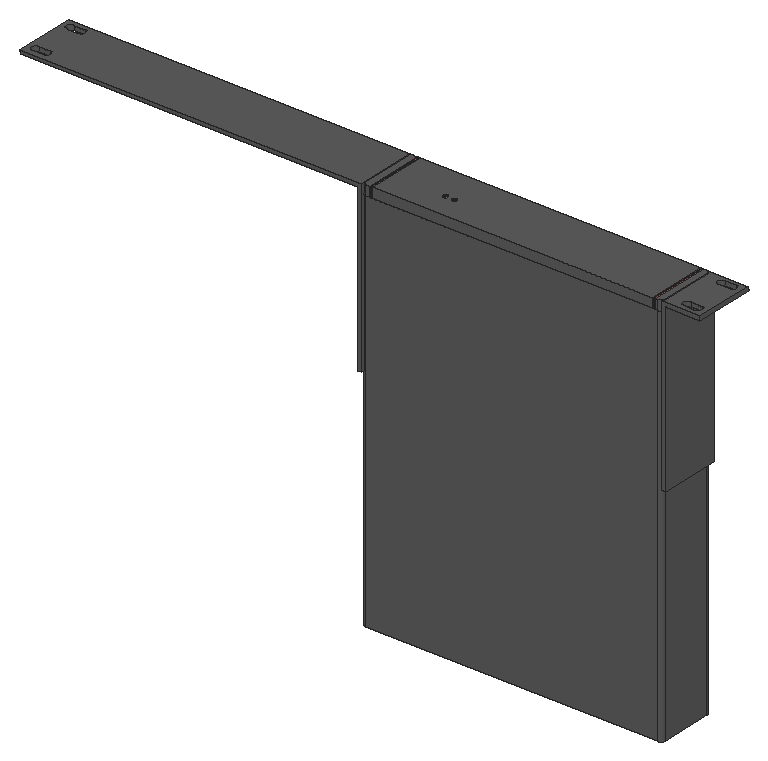
Revit family "Electronics_Amplifiers_Biamp_Voltera_A-300.2", category Communication Devices, host Face, Revit 2020
Family settings
  Host = Face
  Maintain Annotation Orientation = No
  Round Connector Dimension = Use Diameter
  Part Type = Normal
  OmniClass Number = 23.85.10.11.14.14.17
  OmniClass Title = Sound Amplifiers
  Cut with Voids When Loaded = No
  Shared = No
  Room Calculation Point = No
Parameters (values of type "A-300.2")
  Width = 8.66142"  # constant formula
  Weight = 6.10 lbf  # constant formula
  Voltage = 240 V
  Version = 1
  URL = "https://www.biamp.com/"
  Temperature Range = "32-104°F (0-40°C)"  # constant formula
  THD+N (20 - 20000 Hz for 1 W into 8 ohm) = "<0.5%"  # constant formula
  THD+N (1 kHz, 1 dB below clip) = "<0.008%"  # constant formula
  Surface Mount [instance] = Mount Type = Nom Surface Mount  # no
  Single Unit Rack Mount [instance] = Mount Type = Nom Single Unit Rack Mount  # yes
  Signal to Noise ratio (8 ohm) = ">103 dBA"  # constant formula
  Signal level indicator = "Signal level and limiter action"  # constant formula
  Product data url = "https://bimobject.com/biamp/product/a-300-2-amplifier"
  Product Page URL = "https://www.biamp.com/products/product-families/voltera/amplifiers#a-300-2"
  Product Documentation Link = "https://downloads.biamp.com/assets/docs/default-source/data-sheets/biamp_data_sheet_voltera_a-300w-series_amps_aug23.pdf"
  Power Factor = 1
  Number of Poles = 1
  Nom Surface Mount = Surface Mount : Surface Mount
  Nom Single Unit Rack Mount = Single Unit Rack Mount : Single Unit Rack Mount
  Offset_Y [instance] = if(or(Single Unit Rack Mount, Double Unit Left Rack Mount, Double Unit Right Rack Mount), 0", 5.70866")  # 0"
  Offset_X [instance] = if(Single Unit Rack Mount, 19.69", if(or(Freestanding Mount, Surface Mount), 5.91", if(Double Unit Right Rack Mount, 0.89", 10.93")))  # 19.69"
  Offset [instance] = if(or(Single Unit Rack Mount, Double Unit Left Rack Mount, Double Unit Right Rack Mount), 0.11811", if(Freestanding Mount, 1.06299", 0.98425"))  # 0.11811"
  Mount Type [instance] = Single Unit Rack Mount : Single Unit Rack Mount
  Nom Freestanding Mount = Freestanding Mount : Freestanding Mount
  Nom Double Unit Right Rack Mount = Double Unit Right Rack Mount : Double Unit Right Rack Mount
  Nom Double Unit Left Rack Mount = Double Unit Left Rack Mount : Double Unit Left Rack Mount
  Model = "A-300.2"  # constant formula
  Mode switch / ch. (4 Ω / 8 Ω / 70 V / 100 V) = "Defnes the gain and the limiter thresholds"  # constant formula
  Max input level = "+24 dBu"  # constant formula
  Max Power Consumption = 300 W
  Manufacturer = "Biamp"  # constant formula
  Input sensitivity (for all Mode options) = "+4 dBu (1.23 Vrms)"  # constant formula
  Input impedance (balanced) = "8 kohm"  # constant formula
  Included accessories = "Rack solution for single/tandem 19 1 RU mount; Brackets for mounting under table/on wall/under ceiling"  # constant formula
  Humidity = "0-95% non-condensing"  # constant formula
  Housing Material = Biamp - Metal - Black
  High pass flter = "70 Hz 12 dB/octave (on/of)"  # constant formula
  Height = 1.73228"  # constant formula
  Gain trim (default 0 dB) = "In addition to reducing the gain down to -infnity, it can boost the gain and power by up to 3 dB"  # constant formula
  Gain for 8 ohm = "29 dB"  # constant formula
  Gain for 70 / 100 V = "35.2 / 38.2 dB"  # constant formula
  Gain for 4 ohm = "26 dB"  # constant formula
  Frequency response (20 - 20000 Hz, 8 ohm, unweighted) = "+/-0.5 dB"  # constant formula
  Freestanding Mount [instance] = Mount Type = Nom Freestanding Mount  # no
  Double Unit Left Rack Mount [instance] = Mount Type = Nom Double Unit Left Rack Mount  # no
  Double Unit Right Rack Mount [instance] = Mount Type = Nom Double Unit Right Rack Mount  # no
  Description = "Voltera® A Series Compact 2 Channel, 300 Amplifier Models"  # constant formula
  Depth = 11.41732"  # constant formula
  Default Elevation = 48"
  Date Updated = ""
  Date Created = "2023/08/21"
  Cooling = "Variable speed fans, front to back airfow"  # constant formula
  Control/monitoring IO = "Mute all channels (input);Health (output);Sleep mode status (output);Sleep mode (input)"  # constant formula
  Connector Description = "100-240 VAC, 50/60 Hz"  # constant formula
  Channel separation (crosstalk at 1 kHz) = ">75 dB"  # constant formula
  Apparent Load = Max Power Consumption / Power Factor  # 300 VA
  Angle [instance] = if(or(Single Unit Rack Mount, Double Unit Left Rack Mount, Double Unit Right Rack Mount), 0.00°, 90.00°)  # 0.00°
Reference planes (in)
  plane 1 "Center (Front/Back)": y = 0
  plane 2: z = 0
  plane 3 "Center (Left/Right)": x = 0
  plane 4: x = -5.90551
Forms (in)
  Extrusion 1, solid, material "Biamp - Metal - Black", visible <- "Single Unit Rack Mount"
    sketch origin (0, 0, 0) x (1, 0, 0) y (0, 0, 1)
      loop
        line (19.2126, 0) -> (19.2126, 0.11811) -> (18.11024, 0.11811) -> (18.11024, -4.76582) -> (18.22835, -4.76582) -> (18.22835, 0) -> (19.2126, 0)
      loop
        line (-0.41195, 0) -> (9.33071, 0) -> (9.33071, -4.76582) -> (9.44882, -4.76582) -> (9.44882, 0.11811) -> (-0.41195, 0.11811) -> (-0.41195, 0)
    from -0.86614 to 0.86614
  Extrusion 2, void
    sketch origin (19.2126, 0, 0.11811) x (0, -1, 0) y (-1, 0, 0)
      loop
        arc (-0.74245, 19.05266) -> (-0.62608, 18.93629) -> (-0.50971, 19.05266) r 0.11637
        line (-0.50971, 19.05266) -> (-0.50971, 19.37254)
        arc (-0.50971, 19.37254) -> (-0.62608, 19.48891) -> (-0.74245, 19.37254) r 0.11637
        line (-0.74245, 19.37254) -> (-0.74245, 19.05266)
      loop
        line (0.74245, 19.05266) -> (0.74245, 19.37254)
        arc (0.74245, 19.37254) -> (0.62608, 19.48891) -> (0.50971, 19.37254) r 0.11637
        line (0.50971, 19.37254) -> (0.50971, 19.05266)
        arc (0.50971, 19.05266) -> (0.62608, 18.93629) -> (0.74245, 19.05266) r 0.11637
      loop
        line (-0.74245, 0.57189) -> (-0.74245, 0.25201)
        arc (-0.74245, 0.25201) -> (-0.62608, 0.13565) -> (-0.50971, 0.25201) r 0.11637
        line (-0.50971, 0.25201) -> (-0.50971, 0.57189)
        arc (-0.50971, 0.57189) -> (-0.62608, 0.68826) -> (-0.74245, 0.57189) r 0.11637
      loop
        arc (0.74245, 0.57189) -> (0.62608, 0.68826) -> (0.50971, 0.57189) r 0.11637
        line (0.50971, 0.57189) -> (0.50971, 0.25201)
        arc (0.50971, 0.25201) -> (0.62608, 0.13565) -> (0.74245, 0.25201) r 0.11637
        line (0.74245, 0.25201) -> (0.74245, 0.57189)
    from 0 to 0.11811
  Revolve 3, solid, material "Biamp - Plastic - Black", visible <- "Freestanding Mount"
    sketch origin (-3.54331, -0.34449, 0) x (0, 1, 0) y (0, 0, 1)
      loop
        line (4.92126, 0.19685) -> (4.58651, 0.19685)
        arc (4.58651, 0.19685) -> (4.72709, 0.05286) -> (4.92126, 0) r 0.38305
        line (4.92126, 0) -> (4.92126, 0.19685)
      axis (4.92126, 0.19685) -> (4.92126, 0)
    angle from 0 to 360
  Revolve 4, solid, material "Biamp - Plastic - Black", visible <- "Freestanding Mount"
    sketch origin (3.54331, -0.34449, 0) x (0, 1, 0) y (0, 0, -1)
      loop
        line (4.92126, -0.19685) -> (4.92126, 0)
        arc (4.92126, 0) -> (4.72709, -0.05286) -> (4.58651, -0.19685) r 0.38305
        line (4.58651, -0.19685) -> (4.92126, -0.19685)
      axis (4.92126, -0.19685) -> (4.92126, 0)
    angle from 0 to 360
  Revolve 5, solid, material "Biamp - Plastic - Black", visible <- "Freestanding Mount"
    sketch origin (-3.54331, 0.34449, 0) x (0, -1, 0) y (0, 0, -1)
      loop
        line (4.92126, -0.19685) -> (4.92126, 0)
        arc (4.92126, 0) -> (4.72709, -0.05286) -> (4.58651, -0.19685) r 0.38305
        line (4.58651, -0.19685) -> (4.92126, -0.19685)
      axis (4.92126, -0.19685) -> (4.92126, 0)
    angle from 0 to 360
  Revolve 6, solid, material "Biamp - Plastic - Black", visible <- "Freestanding Mount"
    sketch origin (3.54331, 0.34449, 0) x (0, -1, 0) y (0, 0, 1)
      loop
        line (4.92126, 0.19685) -> (4.58651, 0.19685)
        arc (4.58651, 0.19685) -> (4.72709, 0.05286) -> (4.92126, 0) r 0.38305
        line (4.92126, 0) -> (4.92126, 0.19685)
      axis (4.92126, 0.19685) -> (4.92126, 0)
    angle from 0 to 360
  Extrusion 7, solid, material "Biamp - Metal - Black", visible <- "Surface Mount", detail levels coarse
    sketch origin (-12.15168, 0, 0) x (1, 0, 0) y (0, 1, 0)
      loop
        line (6.71403, 9.22034) -> (6.71403, 8.08845) -> (8.68254, 8.08845) -> (8.68254, 9.22034) -> (6.71403, 9.22034)
      loop
        line (17.58934, 9.22034) -> (15.62083, 9.22034) -> (15.62083, 8.08845) -> (17.58934, 8.08845) -> (17.58934, 9.22034)
      loop
        line (6.71403, 4.84042) -> (6.71403, 3.70853) -> (8.68254, 3.70853) -> (8.68254, 4.84042) -> (6.71403, 4.84042)
      loop
        line (17.58934, 4.84042) -> (15.62083, 4.84042) -> (15.62083, 3.70853) -> (17.58934, 3.70853) -> (17.58934, 4.84042)
    from 0 to 0.11811
  Extrusion 8, solid, material "Biamp - Metal - Black", visible <- "Surface Mount", detail levels medium+fine
    sketch origin (-12.15168, 0, 0) x (1, 0, 0) y (0, 1, 0)
      loop
        arc (6.91088, 9.22034) -> (6.77169, 9.16268) -> (6.71403, 9.02349) r 0.19685
        line (6.71403, 9.02349) -> (6.71403, 8.2853)
        arc (6.71403, 8.2853) -> (6.77169, 8.1461) -> (6.91088, 8.08845) r 0.19685
        line (6.91088, 8.08845) -> (8.48569, 8.08845)
        arc (8.48569, 8.08845) -> (8.62488, 8.1461) -> (8.68254, 8.2853) r 0.19685
        line (8.68254, 8.2853) -> (8.68254, 9.02349)
        arc (8.68254, 9.02349) -> (8.62488, 9.16268) -> (8.48569, 9.22034) r 0.19685
        line (8.48569, 9.22034) -> (6.91088, 9.22034)
      loop
        arc (6.91088, 4.84042) -> (6.77169, 4.78276) -> (6.71403, 4.64357) r 0.19685
        line (6.71403, 4.64357) -> (6.71403, 3.90538)
        arc (6.71403, 3.90538) -> (6.77169, 3.76618) -> (6.91088, 3.70853) r 0.19685
        line (6.91088, 3.70853) -> (8.48569, 3.70853)
        arc (8.48569, 3.70853) -> (8.62488, 3.76618) -> (8.68254, 3.90538) r 0.19685
        line (8.68254, 3.90538) -> (8.68254, 4.64357)
        arc (8.68254, 4.64357) -> (8.62488, 4.78276) -> (8.48569, 4.84042) r 0.19685
        line (8.48569, 4.84042) -> (6.91088, 4.84042)
      loop
        arc (15.81768, 9.22034) -> (15.67849, 9.16268) -> (15.62083, 9.02349) r 0.19685
        line (15.62083, 9.02349) -> (15.62083, 8.2853)
        arc (15.62083, 8.2853) -> (15.67849, 8.1461) -> (15.81768, 8.08845) r 0.19685
        line (15.81768, 8.08845) -> (17.39249, 8.08845)
        arc (17.39249, 8.08845) -> (17.53168, 8.1461) -> (17.58934, 8.2853) r 0.19685
        line (17.58934, 8.2853) -> (17.58934, 9.02349)
        arc (17.58934, 9.02349) -> (17.53168, 9.16268) -> (17.39249, 9.22034) r 0.19685
        line (17.39249, 9.22034) -> (15.81768, 9.22034)
      loop
        arc (15.81768, 4.84042) -> (15.67849, 4.78276) -> (15.62083, 4.64357) r 0.19685
        line (15.62083, 4.64357) -> (15.62083, 3.90538)
        arc (15.62083, 3.90538) -> (15.67849, 3.76618) -> (15.81768, 3.70853) r 0.19685
        line (15.81768, 3.70853) -> (17.39249, 3.70853)
        arc (17.39249, 3.70853) -> (17.53168, 3.76618) -> (17.58934, 3.90538) r 0.19685
        line (17.58934, 3.90538) -> (17.58934, 4.64357)
        arc (17.58934, 4.64357) -> (17.53168, 4.78276) -> (17.39249, 4.84042) r 0.19685
        line (17.39249, 4.84042) -> (15.81768, 4.84042)
    from 0 to 0.11811
  Extrusion 9, solid, material "Biamp - Metal - Black", visible <- "Double Unit Right Rack Mount"
    sketch origin (0, 0, 0) x (1, 0, 0) y (0, 0, 1)
      loop
        line (0.41339, 0) -> (0.41339, 0.11811) -> (-0.68898, 0.11811) -> (-0.68898, -4.76582) -> (-0.57087, -4.76582) -> (-0.57087, 0) -> (0.41339, 0)
    from -0.86614 to 0.86614
  Extrusion 10, solid, material "Biamp - Metal - Black", visible <- "Double Unit Left Rack Mount"
    sketch origin (0, 0, 0) x (1, 0, 0) y (0, 0, 1)
      loop
        line (-0.41195, 0) -> (0.5723, 0) -> (0.5723, -4.76582) -> (0.69041, -4.76582) -> (0.69041, 0.11811) -> (-0.41195, 0.11811) -> (-0.41195, 0)
    from -0.86614 to 0.86614
  Extrusion 11, solid, material "Biamp - Metal - Black", visible <- "Double Unit Left Rack Mount", detail levels coarse
    sketch origin (-0.51181, 0, 0) x (1, 0, 0) y (0, 0, 1)
      loop
        line (10.89639, -3.59055) -> (8.92788, -3.59055) -> (8.92788, -4.72244) -> (10.89639, -4.72244) -> (10.89639, -3.59055)
      loop
        line (10.89639, -7.97047) -> (8.92788, -7.97047) -> (8.92788, -9.10236) -> (10.89639, -9.10236) -> (10.89639, -7.97047)
    from 0.86614 to 0.98425
  Extrusion 12, solid, material "Biamp - Metal - Black", visible <- "Double Unit Left Rack Mount", detail levels medium+fine
    sketch origin (-0.51181, 0, 0) x (1, 0, 0) y (0, 0, 1)
      loop
        line (10.69953, -3.59055) -> (9.12473, -3.59055)
        arc (9.12473, -3.59055) -> (8.98554, -3.64821) -> (8.92788, -3.7874) r 0.19685
        line (8.92788, -3.7874) -> (8.92788, -4.52559)
        arc (8.92788, -4.52559) -> (8.98554, -4.66478) -> (9.12473, -4.72244) r 0.19685
        line (9.12473, -4.72244) -> (10.69953, -4.72244)
        arc (10.69953, -4.72244) -> (10.83873, -4.66478) -> (10.89639, -4.52559) r 0.19685
        line (10.89639, -4.52559) -> (10.89639, -3.7874)
        arc (10.89639, -3.7874) -> (10.83873, -3.64821) -> (10.69953, -3.59055) r 0.19685
      loop
        line (10.69953, -7.97047) -> (9.12473, -7.97047)
        arc (9.12473, -7.97047) -> (8.98554, -8.02813) -> (8.92788, -8.16732) r 0.19685
        line (8.92788, -8.16732) -> (8.92788, -8.90551)
        arc (8.92788, -8.90551) -> (8.98554, -9.04471) -> (9.12473, -9.10236) r 0.19685
        line (9.12473, -9.10236) -> (10.69953, -9.10236)
        arc (10.69953, -9.10236) -> (10.83873, -9.04471) -> (10.89639, -8.90551) r 0.19685
        line (10.89639, -8.90551) -> (10.89639, -8.16732)
        arc (10.89639, -8.16732) -> (10.83873, -8.02813) -> (10.69953, -7.97047) r 0.19685
    from 0.86614 to 0.98425
Cuts and joins
  Extrusion 2 cuts Extrusion 1
  Extrusion 2 cuts Extrusion 9
  Extrusion 2 cuts Extrusion 10
Lines and regions (in)
  Masking region 1, visible <- "Single Unit Rack Mount"
    outline origin (0, -5.70866, 0) x (1, 0, 0) y (0, 1, 0)
      loop
        line (-0.41195, 6.5748) -> (-0.41195, 4.84252) -> (9.33071, 4.84252) -> (9.33071, 6.5748) -> (-0.41195, 6.5748)
      loop
        line (18.22835, 6.5748) -> (18.22835, 4.84252) -> (19.2126, 4.84252) -> (19.2126, 6.5748) -> (18.22835, 6.5748)
      loop
        line (-0.15994, 6.21837) -> (0.15994, 6.21837)
        arc (0.15994, 6.21837) -> (0.27631, 6.33474) -> (0.15994, 6.45111) r 0.11637
        line (0.15994, 6.45111) -> (-0.15994, 6.45111)
        arc (-0.15994, 6.45111) -> (-0.27631, 6.33474) -> (-0.15994, 6.21837) r 0.11637
      loop
        arc (-0.15994, 5.19895) -> (-0.27631, 5.08258) -> (-0.15994, 4.96622) r 0.11637
        line (-0.15994, 4.96622) -> (0.15994, 4.96622)
        arc (0.15994, 4.96622) -> (0.27631, 5.08258) -> (0.15994, 5.19895) r 0.11637
        line (0.15994, 5.19895) -> (-0.15994, 5.19895)
      loop
        arc (18.96059, 6.21837) -> (19.07695, 6.33474) -> (18.96059, 6.45111) r 0.11637
        line (18.96059, 6.45111) -> (18.6407, 6.45111)
        arc (18.6407, 6.45111) -> (18.52434, 6.33474) -> (18.6407, 6.21837) r 0.11637
        line (18.6407, 6.21837) -> (18.96059, 6.21837)
      loop
        line (18.96059, 5.19895) -> (18.6407, 5.19895)
        arc (18.6407, 5.19895) -> (18.52434, 5.08258) -> (18.6407, 4.96622) r 0.11637
        line (18.6407, 4.96622) -> (18.96059, 4.96622)
        arc (18.96059, 4.96622) -> (19.07695, 5.08258) -> (18.96059, 5.19895) r 0.11637
  Masking region 2, visible <- "Single Unit Rack Mount"
    outline origin (0, -5.70866, 0) x (1, 0, 0) y (0, 1, 0)
      loop
        line (9.33071, 6.5748) -> (9.33071, 4.84252) -> (9.44882, 4.84252) -> (9.44882, 6.5748) -> (9.33071, 6.5748)
      loop
        line (18.11024, 6.5748) -> (18.11024, 4.84252) -> (18.22835, 4.84252) -> (18.22835, 6.5748) -> (18.11024, 6.5748)
  Masking region 3, visible <- "Double Unit Left Rack Mount"
    outline origin (-18.79921, -5.70866, 0) x (1, 0, 0) y (0, 1, 0)
      loop
        line (18.22835, 6.5748) -> (18.22835, 4.84252) -> (19.2126, 4.84252) -> (19.2126, 6.5748) -> (18.22835, 6.5748)
      loop
        arc (18.96059, 6.21837) -> (19.07695, 6.33474) -> (18.96059, 6.45111) r 0.11637
        line (18.96059, 6.45111) -> (18.6407, 6.45111)
        arc (18.6407, 6.45111) -> (18.52434, 6.33474) -> (18.6407, 6.21837) r 0.11637
        line (18.6407, 6.21837) -> (18.96059, 6.21837)
      loop
        line (18.96059, 5.19895) -> (18.6407, 5.19895)
        arc (18.6407, 5.19895) -> (18.52434, 5.08258) -> (18.6407, 4.96622) r 0.11637
        line (18.6407, 4.96622) -> (18.96059, 4.96622)
        arc (18.96059, 4.96622) -> (19.07695, 5.08258) -> (18.96059, 5.19895) r 0.11637
  Masking region 4, visible <- "Double Unit Left Rack Mount"
    outline origin (-18.79921, -5.70866, 0) x (1, 0, 0) y (0, 1, 0)
      loop
        line (18.11024, 6.5748) -> (18.11024, 4.84252) -> (18.22835, 4.84252) -> (18.22835, 6.5748) -> (18.11024, 6.5748)
  Masking region 5, visible <- "Double Unit Right Rack Mount"
    outline origin (0, -5.70866, 0) x (1, 0, 0) y (0, 1, 0)
      loop
        line (-0.41195, 6.5748) -> (-0.41195, 4.84252) -> (0.5723, 4.84252) -> (0.5723, 6.5748) -> (-0.41195, 6.5748)
      loop
        line (-0.15994, 6.21837) -> (0.15994, 6.21837)
        arc (0.15994, 6.21837) -> (0.27631, 6.33474) -> (0.15994, 6.45111) r 0.11637
        line (0.15994, 6.45111) -> (-0.15994, 6.45111)
        arc (-0.15994, 6.45111) -> (-0.27631, 6.33474) -> (-0.15994, 6.21837) r 0.11637
      loop
        arc (-0.15994, 5.19895) -> (-0.27631, 5.08258) -> (-0.15994, 4.96622) r 0.11637
        line (-0.15994, 4.96622) -> (0.15994, 4.96622)
        arc (0.15994, 4.96622) -> (0.27631, 5.08258) -> (0.15994, 5.19895) r 0.11637
        line (0.15994, 5.19895) -> (-0.15994, 5.19895)
  Masking region 6, visible <- "Double Unit Right Rack Mount"
    outline origin (0, -5.70866, 0) x (1, 0, 0) y (0, 1, 0)
      loop
        line (0.5723, 6.5748) -> (0.5723, 4.84252) -> (0.69041, 4.84252) -> (0.69041, 6.5748) -> (0.5723, 6.5748)
  Masking region 7, visible <- "Surface Mount", detail levels coarse
    outline origin (-12.15168, 0, 0) x (1, 0, 0) y (0, 1, 0)
      loop
        line (6.71403, 9.22034) -> (6.71403, 8.08845) -> (7.84082, 8.08845) -> (7.84082, 9.22034) -> (6.71403, 9.22034)
      loop
        line (6.71403, 4.84042) -> (6.71403, 3.70853) -> (7.84082, 3.70853) -> (7.84082, 4.84042) -> (6.71403, 4.84042)
      loop
        line (17.58934, 9.22034) -> (16.46255, 9.22034) -> (16.46255, 8.08845) -> (17.58934, 8.08845) -> (17.58934, 9.22034)
      loop
        line (17.58934, 4.84042) -> (16.46255, 4.84042) -> (16.46255, 3.70853) -> (17.58934, 3.70853) -> (17.58934, 4.84042)
  Masking region 8, visible <- "Surface Mount", detail levels medium+fine
    outline origin (-12.15168, 0, 0) x (1, 0, 0) y (0, 1, 0)
      loop
        arc (6.91088, 9.22034) -> (6.77169, 9.16268) -> (6.71403, 9.02349) r 0.19685
        line (6.71403, 9.02349) -> (6.71403, 8.2853)
        arc (6.71403, 8.2853) -> (6.77169, 8.1461) -> (6.91088, 8.08845) r 0.19685
        line (6.91088, 8.08845) -> (7.84082, 8.08845) -> (7.84082, 9.22034) -> (6.91088, 9.22034)
      loop
        arc (6.91088, 4.84042) -> (6.77169, 4.78276) -> (6.71403, 4.64357) r 0.19685
        line (6.71403, 4.64357) -> (6.71403, 3.90538)
        arc (6.71403, 3.90538) -> (6.77169, 3.76618) -> (6.91088, 3.70853) r 0.19685
        line (6.91088, 3.70853) -> (7.84082, 3.70853) -> (7.84082, 4.84042) -> (6.91088, 4.84042)
      loop
        line (17.39249, 9.22034) -> (16.46255, 9.22034) -> (16.46255, 8.08845) -> (17.39249, 8.08845)
        arc (17.39249, 8.08845) -> (17.53168, 8.1461) -> (17.58934, 8.2853) r 0.19685
        line (17.58934, 8.2853) -> (17.58934, 9.02349)
        arc (17.58934, 9.02349) -> (17.53168, 9.16268) -> (17.39249, 9.22034) r 0.19685
      loop
        line (17.39249, 4.84042) -> (16.46255, 4.84042) -> (16.46255, 3.70853) -> (17.39249, 3.70853)
        arc (17.39249, 3.70853) -> (17.53168, 3.76618) -> (17.58934, 3.90538) r 0.19685
        line (17.58934, 3.90538) -> (17.58934, 4.64357)
        arc (17.58934, 4.64357) -> (17.53168, 4.78276) -> (17.39249, 4.84042) r 0.19685
  Masking region 9, visible <- "Surface Mount"
    outline origin (0, 0, 0) x (1, 0, 0) y (0, 0, 1)
      loop
        line (-5.43765, 0.11811) -> (-5.43765, 0) -> (-3.46915, 0) -> (-3.46915, 0.11811) -> (-5.43765, 0.11811)
      loop
        line (5.43765, 0.11811) -> (3.46915, 0.11811) -> (3.46915, 0) -> (5.43765, 0) -> (5.43765, 0.11811)
  Masking region 10, visible <- "Freestanding Mount"
    outline origin (0, 0, 0) x (1, 0, 0) y (0, 0, 1)
      loop
        line (-3.54331, 0.19685) -> (-3.87806, 0.19685)
        arc (-3.87806, 0.19685) -> (-3.54331, -0.00007) -> (-3.20856, 0.19685) r 0.38298
        line (-3.20856, 0.19685) -> (-3.54331, 0.19685)
      loop
        line (3.54331, 0.19685) -> (3.20856, 0.19685)
        arc (3.20856, 0.19685) -> (3.54331, -0.00007) -> (3.87806, 0.19685) r 0.38298
        line (3.87806, 0.19685) -> (3.54331, 0.19685)
  Masking region 11, visible <- "Double Unit Right Rack Mount"
    outline origin (0, 0, 0) x (1, 0, 0) y (0, 0, 1)
      loop
        line (-0.41195, 0.11811) -> (-0.41195, 0) -> (0.5723, 0) -> (0.5723, -4.76582) -> (0.69041, -4.76582) -> (0.69041, 0.11811) -> (-0.41195, 0.11811)
  Masking region 12, visible <- "Double Unit Left Rack Mount"
    outline origin (18.80064, 0, 0) x (-1, 0, 0) y (0, 0, 1)
      loop
        line (-0.41195, 0.11811) -> (-0.41195, 0) -> (0.5723, 0) -> (0.5723, -4.76582) -> (0.69041, -4.76582) -> (0.69041, 0.11811) -> (-0.41195, 0.11811)
  Masking region 13, visible <- "Single Unit Rack Mount"
    outline origin (18.80064, 0, 0) x (-1, 0, 0) y (0, 0, 1)
      loop
        line (-0.41195, 0.11811) -> (-0.41195, 0) -> (0.5723, 0) -> (0.5723, -4.76582) -> (0.69041, -4.76582) -> (0.69041, 0.11811) -> (-0.41195, 0.11811)
      loop
        line (19.2126, 0) -> (19.2126, 0.11811) -> (9.35183, 0.11811) -> (9.35183, -4.76582) -> (9.46994, -4.76582) -> (9.46994, 0) -> (19.2126, 0)
  Masking region 14, visible <- "Double Unit Right Rack Mount", detail levels coarse
    outline origin (-0.5452, 0, 0) x (1, 0, 0) y (0, 0, 1)
      loop
        line (8.96127, -3.59055) -> (8.96127, -4.72244) -> (10.92978, -4.72244) -> (10.92978, -3.59055) -> (8.96127, -3.59055)
      loop
        line (8.96127, -7.97047) -> (8.96127, -9.10236) -> (10.92978, -9.10236) -> (10.92978, -7.97047) -> (8.96127, -7.97047)
  Masking region 15, visible <- "Double Unit Right Rack Mount", detail levels medium+fine
    outline origin (-0.5452, 0, 0) x (1, 0, 0) y (0, 0, 1)
      loop
        arc (9.15812, -3.59055) -> (9.01893, -3.64821) -> (8.96127, -3.7874) r 0.19685
        line (8.96127, -3.7874) -> (8.96127, -4.52559)
        arc (8.96127, -4.52559) -> (9.01893, -4.66478) -> (9.15812, -4.72244) r 0.19685
        line (9.15812, -4.72244) -> (10.73293, -4.72244)
        arc (10.73293, -4.72244) -> (10.87212, -4.66478) -> (10.92978, -4.52559) r 0.19685
        line (10.92978, -4.52559) -> (10.92978, -3.7874)
        arc (10.92978, -3.7874) -> (10.87212, -3.64821) -> (10.73293, -3.59055) r 0.19685
        line (10.73293, -3.59055) -> (9.15812, -3.59055)
      loop
        arc (9.15812, -7.97047) -> (9.01893, -8.02813) -> (8.96127, -8.16732) r 0.19685
        line (8.96127, -8.16732) -> (8.96127, -8.90551)
        arc (8.96127, -8.90551) -> (9.01893, -9.04471) -> (9.15812, -9.10236) r 0.19685
        line (9.15812, -9.10236) -> (10.73293, -9.10236)
        arc (10.73293, -9.10236) -> (10.87212, -9.04471) -> (10.92978, -8.90551) r 0.19685
        line (10.92978, -8.90551) -> (10.92978, -8.16732)
        arc (10.92978, -8.16732) -> (10.87212, -8.02813) -> (10.73293, -7.97047) r 0.19685
        line (10.73293, -7.97047) -> (9.15812, -7.97047)
  reference lines
    curve 1: line (-12.15168, 0, 0) -> (27.21839, 0, 0)
    curve 2: line (13.78449, -14.07308, 0) -> (13.78449, 30.80881, 0)
    curve 3: line (13.78449, 28.70922, 0.11811) -> (13.78449, -14.59787, 0.11811)
    curve 4: line (13.78449, 0, -5.3937) -> (13.78449, 0, 16.65354)
    curve 5: line (13.78449, 0, -5.55602) -> (13.78449, 0, 0.11811)
Dimensions and locks (in)
  "Offset_Y": curve 1 to plane 1 "Center (Front/Back)"
  "Offset": curve 3 to plane 2
  locked: plane 4 to plane 3 "Center (Left/Right)" at 5.90551
  "Offset_X": plane 4 to curve 2
  "Angle": angle curve 5 to curve 4
  aligned and locked: plane 2 to host face
  aligned and locked: level to host face
  aligned and locked: curve 4 to curve 5
  aligned and locked: curve 3 to curve 5
Automatic sketch dimensions
  host sketch curve to host sketch curve = 96"  (x2)
  curve 4 to curve 3 = 14.59787"
  curve 4 to curve 3 = 16.53543"
  curve 4 to curve 3 = 5.51181"
  Extrusion 1 sketch curve to level = 0"  (x2)
  Extrusion 1 sketch curve to plane 3 "Center (Left/Right)" = 0.41195"
  plane 3 "Center (Left/Right)" to Extrusion 1 sketch curve = 9.33071"
  Extrusion 1 sketch curve to Extrusion 1 sketch curve = 0.11811"  (x3)
  Extrusion 1 sketch curve to Extrusion 1 sketch curve = 8.66142"
  Extrusion 1 sketch curve to Extrusion 1 sketch curve = 0.98425"
  Extrusion 1 sketch curve to level = 4.76582"  (x2)
  level to Extrusion 1 sketch curve = 0.11811"
  Extrusion 1 to Extrusion 2 sketch curve = 0.1237"  (x2)
  Extrusion 2 sketch curve to Extrusion 2 sketch curve = 0.11637"  (x4)
  Extrusion 1 to Extrusion 2 sketch curve = 0.35643"  (x2)
  Extrusion 1 to Extrusion 2 sketch curve = 18.27018"
  Extrusion 2 sketch curve to Extrusion 2 sketch curve = 0"
  Extrusion 2 sketch curve to Extrusion 2 sketch curve = 0.31988"  (x2)
  Extrusion 1 to Extrusion 2 sketch curve = 0.57189"  (x2)
  Extrusion 1 to Extrusion 2 sketch curve = 0.25201"  (x2)
  Revolve 3 sketch curve to level = 0"
  level to Revolve 3 sketch curve = 0.19685"
  Revolve 3 sketch curve to plane 1 "Center (Front/Back)" = 4.24202"
  Revolve 3 sketch curve to Revolve 3 sketch curve = 0.33475"
  Revolve 3 sketch curve to Revolve 3 sketch curve = 0"  (x2)
  Revolve 3 sketch curve to level = 0.10776"
  Revolve 4 sketch curve to level = 0"
  level to Revolve 4 sketch curve = 0.19685"
  Revolve 4 sketch curve to plane 1 "Center (Front/Back)" = 4.24202"
  Revolve 4 sketch curve to Revolve 4 sketch curve = 0.33475"
  Revolve 4 sketch curve to Revolve 4 sketch curve = 0"  (x2)
  Revolve 4 sketch curve to level = 0.10776"
  Revolve 5 sketch curve to level = 0"
  level to Revolve 5 sketch curve = 0.19685"
  plane 1 "Center (Front/Back)" to Revolve 5 sketch curve = 4.24202"
  Revolve 5 sketch curve to Revolve 5 sketch curve = 0.33475"
  Revolve 5 sketch curve to Revolve 5 sketch curve = 0"  (x2)
  Revolve 5 sketch curve to level = 0.10776"
  Revolve 6 sketch curve to level = 0"
  level to Revolve 6 sketch curve = 0.19685"
  plane 1 "Center (Front/Back)" to Revolve 6 sketch curve = 4.24202"
  Revolve 6 sketch curve to Revolve 6 sketch curve = 0.33475"
  Revolve 6 sketch curve to Revolve 6 sketch curve = 0"  (x2)
  Revolve 6 sketch curve to level = 0.10776"
  curve 1 to Extrusion 7 sketch curve = 6.71403"
  Extrusion 7 sketch curve to Extrusion 7 sketch curve = 0"  (x2)
  Extrusion 7 sketch curve to Extrusion 7 sketch curve = 1.9685"  (x4)
  Extrusion 7 sketch curve to Extrusion 7 sketch curve = 6.9383"
  Extrusion 7 sketch curve to curve 1 = 3.70853"  (x2)
  Extrusion 7 sketch curve to Extrusion 7 sketch curve = 1.13189"  (x4)
  Extrusion 7 sketch curve to Extrusion 7 sketch curve = 3.24803"  (x2)
  curve 1 to Extrusion 8 sketch curve = 6.71403"
  Extrusion 8 sketch curve to Extrusion 8 sketch curve = 0"  (x6)
  Extrusion 8 sketch curve to Extrusion 8 sketch curve = 0.19685"  (x12)
  Extrusion 8 sketch curve to Extrusion 8 sketch curve = 1.5748"  (x4)
  Extrusion 8 sketch curve to Extrusion 8 sketch curve = 6.9383"
  Extrusion 8 sketch curve to curve 1 = 3.70853"  (x2)
  Extrusion 8 sketch curve to Extrusion 8 sketch curve = 0.73819"  (x4)
  Extrusion 8 sketch curve to Extrusion 8 sketch curve = 3.24803"  (x2)
  Extrusion 9 sketch curve to level = 0"
  Extrusion 9 sketch curve to level = 4.76582"
  Extrusion 9 sketch curve to plane 3 "Center (Left/Right)" = 0.68898"
  Extrusion 9 sketch curve to Extrusion 9 sketch curve = 0.11811"
  level to Extrusion 9 sketch curve = 0.11811"
  Extrusion 9 sketch curve to Extrusion 9 sketch curve = 0.98425"
  Extrusion 10 sketch curve to level = 0"
  level to Extrusion 10 sketch curve = 0.11811"
  Extrusion 10 sketch curve to plane 3 "Center (Left/Right)" = 0.41195"
  plane 3 "Center (Left/Right)" to Extrusion 10 sketch curve = 0.5723"
  Extrusion 10 sketch curve to Extrusion 10 sketch curve = 0.11811"
  Extrusion 10 sketch curve to level = 4.76582"
  plane 3 "Center (Left/Right)" to Extrusion 11 sketch curve = 8.41607"
  Extrusion 11 sketch curve to Extrusion 11 sketch curve = 0"
  Extrusion 11 sketch curve to Extrusion 11 sketch curve = 1.9685"  (x2)
  Extrusion 11 sketch curve to level = 9.10236"
  Extrusion 11 sketch curve to Extrusion 11 sketch curve = 1.13189"  (x2)
  Extrusion 11 sketch curve to Extrusion 11 sketch curve = 3.24803"
  Masking region 1 sketch curve to plane 3 "Center (Left/Right)" = 0.41195"
  Masking region 1 sketch curve to plane 3 "Center (Left/Right)" = 0.15994"  (x2)
  plane 3 "Center (Left/Right)" to Masking region 1 sketch curve = 0.15994"  (x2)
  Masking region 1 sketch curve to plane 1 "Center (Front/Back)" = 0.86614"  (x2)
  Masking region 1 sketch curve to Masking region 1 sketch curve = 9.17077"
  plane 1 "Center (Front/Back)" to Masking region 1 sketch curve = 0.86614"  (x2)
  Masking region 1 sketch curve to Masking region 1 sketch curve = 8.89764"
  Masking region 1 sketch curve to Masking region 1 sketch curve = 0.41236"  (x2)
  Masking region 1 sketch curve to plane 1 "Center (Front/Back)" = 0.50971"
  Masking region 1 sketch curve to Masking region 1 sketch curve = 0.31988"  (x2)
  Masking region 1 sketch curve to Masking region 1 sketch curve = 0.25201"
  Masking region 1 sketch curve to Masking region 1 sketch curve = 0.1237"  (x2)
  Masking region 1 sketch curve to Masking region 1 sketch curve = 0.11637"  (x4)
  Masking region 1 sketch curve to Masking region 1 sketch curve = 0.35643"
  plane 1 "Center (Front/Back)" to Masking region 2 sketch curve = 0.86614"  (x2)
  plane 3 "Center (Left/Right)" to Masking region 2 sketch curve = 9.33071"
  Masking region 2 sketch curve to Masking region 2 sketch curve = 0.11811"  (x2)
  Masking region 2 sketch curve to plane 1 "Center (Front/Back)" = 0.86614"  (x2)
  Masking region 2 sketch curve to Masking region 2 sketch curve = 8.66142"
  plane 1 "Center (Front/Back)" to Masking region 3 sketch curve = 0.86614"
  Masking region 3 sketch curve to plane 3 "Center (Left/Right)" = 0.57087"
  Masking region 3 sketch curve to Masking region 3 sketch curve = 0.41236"  (x2)
  Masking region 3 sketch curve to Masking region 3 sketch curve = 0.31988"  (x2)
  Masking region 3 sketch curve to Masking region 3 sketch curve = 0.25201"
  Masking region 3 sketch curve to Masking region 3 sketch curve = 0.1237"
  Masking region 3 sketch curve to Masking region 3 sketch curve = 0.11637"  (x2)
  Masking region 3 sketch curve to plane 1 "Center (Front/Back)" = 0.50971"
  Masking region 3 sketch curve to plane 1 "Center (Front/Back)" = 0.86614"
  plane 1 "Center (Front/Back)" to Masking region 4 sketch curve = 0.86614"
  Masking region 4 sketch curve to plane 3 "Center (Left/Right)" = 0.68898"
  Masking region 4 sketch curve to Masking region 4 sketch curve = 0.11811"
  Masking region 4 sketch curve to plane 1 "Center (Front/Back)" = 0.86614"
  Masking region 5 sketch curve to plane 3 "Center (Left/Right)" = 0.41195"
  Masking region 5 sketch curve to plane 3 "Center (Left/Right)" = 0.15994"  (x2)
  plane 3 "Center (Left/Right)" to Masking region 5 sketch curve = 0.15994"  (x2)
  Masking region 5 sketch curve to Masking region 5 sketch curve = 0.41236"
  plane 1 "Center (Front/Back)" to Masking region 5 sketch curve = 0.86614"
  Masking region 5 sketch curve to Masking region 5 sketch curve = 0.1237"  (x2)
  Masking region 5 sketch curve to Masking region 5 sketch curve = 0.11637"  (x2)
  Masking region 5 sketch curve to plane 1 "Center (Front/Back)" = 0.50971"
  plane 3 "Center (Left/Right)" to Masking region 6 sketch curve = 0.5723"
  Masking region 6 sketch curve to Masking region 6 sketch curve = 0.11811"
  plane 1 "Center (Front/Back)" to Masking region 6 sketch curve = 0.86614"
  Masking region 6 sketch curve to plane 1 "Center (Front/Back)" = 0.86614"
  curve 1 to Masking region 7 sketch curve = 6.71403"
  Masking region 7 sketch curve to Masking region 7 sketch curve = 0"  (x2)
  Masking region 7 sketch curve to Masking region 7 sketch curve = 1.12679"  (x4)
  Masking region 7 sketch curve to curve 1 = 3.70853"  (x2)
  Masking region 7 sketch curve to Masking region 7 sketch curve = 8.62172"
  Masking region 7 sketch curve to Masking region 7 sketch curve = 1.13189"  (x4)
  Masking region 7 sketch curve to Masking region 7 sketch curve = 3.24803"  (x2)
  curve 1 to Masking region 8 sketch curve = 6.71403"
  Masking region 8 sketch curve to Masking region 8 sketch curve = 0"  (x3)
  Masking region 8 sketch curve to Masking region 8 sketch curve = 0.19685"  (x6)
  Masking region 8 sketch curve to Masking region 8 sketch curve = 0.92994"  (x5)
  Masking region 8 sketch curve to curve 1 = 4.84042"
  Masking region 8 sketch curve to Masking region 8 sketch curve = 8.62172"
  Masking region 8 sketch curve to curve 1 = 4.64357"
  Masking region 8 sketch curve to Masking region 8 sketch curve = 0.73819"  (x4)
  Masking region 8 sketch curve to Masking region 8 sketch curve = 3.24803"  (x2)
  Masking region 9 sketch curve to level = 0"  (x2)
  Masking region 9 sketch curve to plane 3 "Center (Left/Right)" = 5.43765"
  Masking region 9 sketch curve to Masking region 9 sketch curve = 1.9685"  (x2)
  plane 3 "Center (Left/Right)" to Masking region 9 sketch curve = 3.46915"
  level to Masking region 9 sketch curve = 0.11811"  (x2)
  level to Masking region 10 sketch curve = 0.19685"  (x2)
  Masking region 10 sketch curve to plane 3 "Center (Left/Right)" = 3.87806"
  Masking region 10 sketch curve to Masking region 10 sketch curve = 0.33475"  (x2)
  Masking region 10 sketch curve to Masking region 10 sketch curve = 0"  (x2)
  plane 3 "Center (Left/Right)" to Masking region 10 sketch curve = 3.20856"
  Masking region 10 sketch curve to Masking region 10 sketch curve = 0.18606"  (x2)
  Masking region 11 sketch curve to level = 0"
  level to Masking region 11 sketch curve = 0.11811"
  Masking region 11 sketch curve to plane 3 "Center (Left/Right)" = 0.41195"
  plane 3 "Center (Left/Right)" to Masking region 11 sketch curve = 0.5723"
  Masking region 11 sketch curve to Masking region 11 sketch curve = 0.11811"
  Masking region 11 sketch curve to level = 4.76582"
  Masking region 12 sketch curve to level = 0"
  level to Masking region 12 sketch curve = 0.11811"
  plane 3 "Center (Left/Right)" to Masking region 12 sketch curve = 19.2126"
  Masking region 12 sketch curve to Masking region 12 sketch curve = 0.98425"
  Masking region 12 sketch curve to Masking region 12 sketch curve = 0.11811"
  Masking region 12 sketch curve to level = 4.76582"
  Masking region 13 sketch curve to level = 0"  (x2)
  level to Masking region 13 sketch curve = 0.11811"  (x2)
  plane 3 "Center (Left/Right)" to Masking region 13 sketch curve = 19.2126"
  Masking region 13 sketch curve to Masking region 13 sketch curve = 0.98425"
  Masking region 13 sketch curve to Masking region 13 sketch curve = 0.11811"  (x2)
  Masking region 13 sketch curve to Masking region 13 sketch curve = 8.66142"
  Masking region 13 sketch curve to plane 3 "Center (Left/Right)" = 0.41195"
  Masking region 13 sketch curve to level = 4.76582"  (x2)
  Masking region 14 sketch curve to level = 3.59055"
  plane 3 "Center (Left/Right)" to Masking region 14 sketch curve = 8.41607"
  Masking region 14 sketch curve to Masking region 14 sketch curve = 0"
  Masking region 14 sketch curve to Masking region 14 sketch curve = 1.9685"  (x2)
  Masking region 14 sketch curve to Masking region 14 sketch curve = 1.13189"  (x2)
  Masking region 14 sketch curve to Masking region 14 sketch curve = 3.24803"
  plane 3 "Center (Left/Right)" to Masking region 15 sketch curve = 8.41607"
  Masking region 15 sketch curve to Masking region 15 sketch curve = 0"  (x3)
  Masking region 15 sketch curve to Masking region 15 sketch curve = 0.19685"  (x6)
  Masking region 15 sketch curve to Masking region 15 sketch curve = 1.5748"  (x2)
  Masking region 15 sketch curve to level = 9.10236"
  Masking region 15 sketch curve to Masking region 15 sketch curve = 0.73819"  (x2)
  Masking region 15 sketch curve to Masking region 15 sketch curve = 3.24803"
  plane 3 "Center (Left/Right)" to Extrusion 12 sketch curve = 8.41607"
  Extrusion 12 sketch curve to Extrusion 12 sketch curve = 0"  (x3)
  Extrusion 12 sketch curve to Extrusion 12 sketch curve = 0.19685"  (x6)
  Extrusion 12 sketch curve to Extrusion 12 sketch curve = 1.5748"  (x2)
  Extrusion 12 sketch curve to level = 9.10236"
  Extrusion 12 sketch curve to Extrusion 12 sketch curve = 0.73819"  (x2)
  Extrusion 12 sketch curve to Extrusion 12 sketch curve = 3.24803"
  curve 1 to plane 4 = 6.24617"
  plane 3 "Center (Left/Right)" to curve 1 = 27.21839"
  curve 2 to curve 1 = 14.07308"
  curve 1 to curve 2 = 30.80881"
  curve 3 to curve 2 = 0.52479"
  curve 3 to curve 2 = 2.09959"
Nested families (in)
  nested 1: "Freestanding Mount" at (0, 0, 0), type "Freestanding Mount"
  nested 2: "Surface Mount" at (0, 0, 0), type "Surface Mount"
  nested 3: "Single Unit Rack Mount" at (0, 0, 0), type "Single Unit Rack Mount"
  nested 4: "Double Unit Right Rack Mount" at (0, 0, 0), type "Double Unit Right Rack Mount"
  nested 5: "Double Unit Left Rack Mount" at (0, 0, 0), type "Double Unit Left Rack Mount"
  nested 6: "VOLTERA_2" at (13.78449, -0.86614, -5.59055) x (1, 0, 0) z (0, 1, 0), Housing Material <- "Housing Material", type "VOLTERA_2"
    with Housing Material Biamp - Metal - Black
Connectors (in)
  electrical at (17.38563, 0.04581, -11.02263), driven by "Number of Poles", driven by "Voltage", driven by "Apparent Load", driven by "Power Factor", driven by "Connector Description"
    settings: on nested 6, index 1, voltage 240 V, apparent load 300 VA, apparent load phase1 0 VA, apparent load phase2 0 VA, apparent load phase3 0 VA, power factor 1, load classification "Other", number of poles 1, system type 30, power factor state 1, is connector primary yes, connector utility no, sub classification motor no, connector description "100-240 VAC, 50/60 Hz"
  electrical at (16.62512, -0.28014, -11.02263)
    settings: on nested 6, index 2, voltage 0 V, apparent load 0 VA, apparent load phase1 0 VA, apparent load phase2 0 VA, apparent load phase3 0 VA, power factor 1, load classification "Other", number of poles 1, system type 5, power factor state 1, is connector primary no, connector utility no, sub classification motor no, connector description "USB-C connector"
  electrical at (15.94553, -0.32984, -11.02263)
    settings: on nested 6, index 3, voltage 0 V, apparent load 0 VA, apparent load phase1 0 VA, apparent load phase2 0 VA, apparent load phase3 0 VA, power factor 1, load classification "Other", number of poles 1, system type 5, power factor state 1, is connector primary no, connector utility no, sub classification motor no, connector description "Terminal block,voltage control input"
  electrical at (16.15434, 0.37784, -11.02263)
    settings: on nested 6, index 4, voltage 0 V, apparent load 0 VA, apparent load phase1 0 VA, apparent load phase2 0 VA, apparent load phase3 0 VA, power factor 1, load classification "Other", number of poles 1, system type 5, power factor state 1, is connector primary no, connector utility no, sub classification motor no, connector description "1-st 3-pin input port"
  electrical at (15.73582, 0.37784, -11.02263)
    settings: on nested 6, index 5, voltage 0 V, apparent load 0 VA, apparent load phase1 0 VA, apparent load phase2 0 VA, apparent load phase3 0 VA, power factor 1, load classification "Other", number of poles 1, system type 5, power factor state 1, is connector primary no, connector utility no, sub classification motor no, connector description "2-nd 3-pin input port"
  electrical at (15.07544, -0.32984, -11.02263)
    settings: on nested 6, index 6, voltage 0 V, apparent load 0 VA, apparent load phase1 0 VA, apparent load phase2 0 VA, apparent load phase3 0 VA, power factor 1, load classification "Other", number of poles 1, system type 5, power factor state 1, is connector primary no, connector utility no, sub classification motor no, connector description "Logic input / output connectors"
  electrical at (11.41014, -0.16855, -11.02263)
    settings: on nested 6, index 7, voltage 0 V, apparent load 0 VA, apparent load phase1 0 VA, apparent load phase2 0 VA, apparent load phase3 0 VA, power factor 1, load classification "Other", number of poles 1, system type 5, power factor state 1, is connector primary no, connector utility no, sub classification motor no, connector description "Speaker output port 1"
  electrical at (10.7052, -0.16855, -11.02263)
    settings: on nested 6, index 8, voltage 0 V, apparent load 0 VA, apparent load phase1 0 VA, apparent load phase2 0 VA, apparent load phase3 0 VA, power factor 1, load classification "Other", number of poles 1, system type 5, power factor state 1, is connector primary no, connector utility no, sub classification motor no, connector description "Speaker output port 2"
Definition of nested family "VOLTERA_2"
  Parameters (values of type "VOLTERA_2")
    Housing Material [instance] = none
    Default Elevation = 48"
  Reference planes (in)
    plane 1 "Center (Front/Back)": y = 0
    plane 2: z = 0
    plane 3 "Center (Left/Right)": x = 0
  Forms (in)
    Extrusion 1, solid, material <- "Housing Material", detail levels coarse
      sketch origin (0, 0, 0) x (1, 0, 0) y (0, 1, 0)
        loop
          line (-4.33071, 5.70866) -> (-4.33071, -5.70866) -> (4.33071, -5.70866) -> (4.33071, 5.70866) -> (-4.33071, 5.70866)
      from 0 to 1.73228
    Extrusion 2, solid, material <- "Housing Material", detail levels medium+fine
      sketch origin (4.33071, -5.70866, 0) x (-1, 0, 0) y (0, 0, -1)
        loop
          line (0.11811, -1.73228) -> (8.54412, -1.73228)
          arc (8.54412, -1.73228) -> (8.62706, -1.69793) -> (8.66142, -1.61499) r 0.1173
          line (8.66142, -1.61499) -> (8.66142, -0.11811)
          arc (8.66142, -0.11811) -> (8.62682, -0.03459) -> (8.54331, 0) r 0.11811
          line (8.54331, 0) -> (0.11811, 0)
          arc (0.11811, 0) -> (0.03459, -0.03459) -> (0, -0.11811) r 0.11811
          line (0, -0.11811) -> (0, -1.61417)
          arc (0, -1.61417) -> (0.03459, -1.69769) -> (0.11811, -1.73228) r 0.11811
      from -11.41732 to -0.27559
    Extrusion 3, void
      sketch origin (0, 0, 0) x (1, 0, 0) y (0, 0, 1)
        loop
          line (-4.11784, 1.73228) -> (-4.11784, 0) -> (-4.05879, 0) -> (-4.05879, 1.73228) -> (-4.11784, 1.73228)
        loop
          line (4.11784, 1.73228) -> (4.05879, 1.73228) -> (4.05879, 0) -> (4.11784, 0) -> (4.11784, 1.73228)
      from 5.43307 to 5.70866
    Extrusion 4, solid, detail levels medium+fine
      sketch origin (0, 0, 0) x (1, 0, 0) y (0, 0, 1)
        loop
          line (-4.11784, 1.73228) -> (-4.11784, 0) -> (-4.05879, 0) -> (-4.05879, 1.73228) -> (-4.11784, 1.73228)
        loop
          line (4.11784, 1.73228) -> (4.05879, 1.73228) -> (4.05879, 0) -> (4.11784, 0) -> (4.11784, 1.73228)
      from 5.43307 to 5.70866
    Extrusion 5, void
      sketch origin (4.33071, 5.70866, 0) x (1, 0, 0) y (0, 0, -1)
        loop
          arc (-0.53307, -1.34241) -> (-0.47739, -1.31934) -> (-0.45433, -1.26367) r 0.07874
          line (-0.45433, -1.26367) -> (-0.45433, -0.56024)
          arc (-0.45433, -0.56024) -> (-0.47739, -0.50456) -> (-0.53307, -0.4815) r 0.07874
          line (-0.53307, -0.4815) -> (-0.70483, -0.4815)
          arc (-0.70483, -0.4815) -> (-0.75756, -0.49199) -> (-0.80227, -0.52186) r 0.1378
          line (-0.80227, -0.52186) -> (-0.92417, -0.64375)
          arc (-0.92417, -0.64375) -> (-0.94977, -0.68207) -> (-0.95876, -0.72727) r 0.11811
          line (-0.95876, -0.72727) -> (-0.95876, -1.09663)
          arc (-0.95876, -1.09663) -> (-0.94977, -1.14183) -> (-0.92417, -1.18015) r 0.11811
          line (-0.92417, -1.18015) -> (-0.80227, -1.30205)
          arc (-0.80227, -1.30205) -> (-0.75756, -1.33192) -> (-0.70483, -1.34241) r 0.1378
          line (-0.70483, -1.34241) -> (-0.53307, -1.34241)
        loop
          arc (-1.42949, -0.50241) -> (-1.49008, -0.44182) -> (-1.55067, -0.50241) r 0.06059
          line (-1.55067, -0.50241) -> (-1.55067, -0.6696)
          arc (-1.55067, -0.6696) -> (-1.49008, -0.73019) -> (-1.42949, -0.6696) r 0.06059
          line (-1.42949, -0.6696) -> (-1.42949, -0.50241)
        loop
          line (-1.75926, -1.34241) -> (-1.75926, -1.14556) -> (-2.16245, -1.14556) -> (-2.16245, -1.34241) -> (-1.75926, -1.34241)
        loop
          line (-2.17778, -1.34241) -> (-2.17778, -1.14556) -> (-2.58097, -1.14556) -> (-2.58097, -1.34241) -> (-2.17778, -1.34241)
        loop
          line (-1.81429, -0.63473) -> (-1.81429, -0.43788) -> (-2.52505, -0.43788) -> (-2.52505, -0.63473) -> (-1.81429, -0.63473)
        loop
          line (-2.68437, -0.63473) -> (-2.68437, -0.43788) -> (-3.39514, -0.43788) -> (-3.39514, -0.63473) -> (-2.68437, -0.63473)
        loop
          line (-7.13229, -0.98192) -> (-7.13229, -0.41327) -> (-7.6877, -0.41327) -> (-7.6877, -0.98192) -> (-7.13229, -0.98192)
        loop
          line (-6.42736, -0.98192) -> (-6.42736, -0.41327) -> (-6.98276, -0.41327) -> (-6.98276, -0.98192) -> (-6.42736, -0.98192)
        loop
          circle (-4.16762, -1.34241) r 0.1211
        loop
          circle (-5.34872, -1.34241) r 0.1211
      from -0.27658 to 0
    Extrusion 6, solid, material <- "Housing Material", detail levels medium+fine
      sketch origin (4.33071, 5.70866, 0) x (1, 0, 0) y (0, 0, -1)
        loop
          arc (-0.45433, -0.56024) -> (-0.47739, -0.50456) -> (-0.53307, -0.4815) r 0.07874
          line (-0.53307, -0.4815) -> (-0.70483, -0.4815)
          arc (-0.70483, -0.4815) -> (-0.75756, -0.49199) -> (-0.80227, -0.52186) r 0.1378
          line (-0.80227, -0.52186) -> (-0.92417, -0.64375)
          arc (-0.92417, -0.64375) -> (-0.94977, -0.68207) -> (-0.95876, -0.72727) r 0.11811
          line (-0.95876, -0.72727) -> (-0.95876, -1.09663)
          arc (-0.95876, -1.09663) -> (-0.94977, -1.14183) -> (-0.92417, -1.18015) r 0.11811
          line (-0.92417, -1.18015) -> (-0.80227, -1.30205)
          arc (-0.80227, -1.30205) -> (-0.75756, -1.33192) -> (-0.70483, -1.34241) r 0.1378
          line (-0.70483, -1.34241) -> (-0.53307, -1.34241)
          arc (-0.53307, -1.34241) -> (-0.47739, -1.31934) -> (-0.45433, -1.26367) r 0.07874
          line (-0.45433, -1.26367) -> (-0.45433, -0.56024)
        loop
          arc (-0.39932, -1.44278) -> (-0.35756, -1.42548) -> (-0.34026, -1.38373) r 0.05906
          line (-0.34026, -1.38373) -> (-0.34026, -0.44018)
          arc (-0.34026, -0.44018) -> (-0.35756, -0.39842) -> (-0.39932, -0.38112) r 0.05906
          line (-0.39932, -0.38112) -> (-1.0339, -0.38112)
          arc (-1.0339, -0.38112) -> (-1.07566, -0.39842) -> (-1.09296, -0.44018) r 0.05906
          line (-1.09296, -0.44018) -> (-1.09296, -1.38373)
          arc (-1.09296, -1.38373) -> (-1.07566, -1.42548) -> (-1.0339, -1.44278) r 0.05906
          line (-1.0339, -1.44278) -> (-0.39932, -1.44278)
      from 0 to 0.01969
    Extrusion 7, solid, detail levels medium+fine
      sketch origin (4.33071, 5.43208, 0) x (1, 0, 0) y (0, 0, -1)
        loop
          circle (-4.16762, -1.34241) r 0.11322
        loop
          circle (-5.34872, -1.34241) r 0.11322
      from 0 to 0.31496
    Extrusion 8, solid, detail levels medium+fine
      sketch origin (4.33071, 5.43208, 0) x (1, 0, 0) y (0, 0, -1)
        loop
          line (-4.44775, -1.35868) -> (-4.44775, -1.23151) -> (-5.06001, -1.23151) -> (-5.06001, -1.35868) -> (-4.44775, -1.35868)
      from 0.27658 to 0.31496
    Extrusion 9, solid, material <- "Housing Material", detail levels medium+fine
      sketch origin (4.33071, -5.70866, 0) x (-1, 0, 0) y (0, 0, -1)
        loop
          arc (8.54412, -1.73228) -> (8.62706, -1.69793) -> (8.66142, -1.61499) r 0.1173
          line (8.66142, -1.61499) -> (8.66142, -0.11811)
          arc (8.66142, -0.11811) -> (8.62682, -0.03459) -> (8.54331, 0) r 0.11811
          line (8.54331, 0) -> (0.11811, 0)
          arc (0.11811, 0) -> (0.03459, -0.03459) -> (0, -0.11811) r 0.11811
          line (0, -0.11811) -> (0, -1.61417)
          arc (0, -1.61417) -> (0.03459, -1.69769) -> (0.11811, -1.73228) r 0.11811
          line (0.11811, -1.73228) -> (8.54412, -1.73228)
      from -0.27559 to 0
    Extrusion 10, solid, detail levels medium+fine
      sketch origin (4.33071, 5.43208, 0) x (1, 0, 0) y (0, 0, -1)
        loop
          line (-1.75926, -1.34241) -> (-1.75926, -1.14556) -> (-2.16245, -1.14556) -> (-2.16245, -1.34241) -> (-1.75926, -1.34241)
        loop
          line (-2.17778, -1.34241) -> (-2.17778, -1.14556) -> (-2.58097, -1.14556) -> (-2.58097, -1.34241) -> (-2.17778, -1.34241)
        loop
          line (-1.81429, -0.63473) -> (-1.81429, -0.43788) -> (-2.52505, -0.43788) -> (-2.52505, -0.63473) -> (-1.81429, -0.63473)
        loop
          line (-2.68437, -0.63473) -> (-2.68437, -0.43788) -> (-3.39514, -0.43788) -> (-3.39514, -0.63473) -> (-2.68437, -0.63473)
        loop
          line (-1.79863, -1.18493) -> (-2.12308, -1.18493) -> (-2.12308, -1.30304) -> (-1.79863, -1.30304) -> (-1.79863, -1.18493)
        loop
          line (-2.21715, -1.18493) -> (-2.5416, -1.18493) -> (-2.5416, -1.30304) -> (-2.21715, -1.30304) -> (-2.21715, -1.18493)
        loop
          line (-1.85366, -0.47725) -> (-2.48568, -0.47725) -> (-2.48568, -0.59536) -> (-1.85366, -0.59536) -> (-1.85366, -0.47725)
        loop
          line (-2.72374, -0.47725) -> (-3.35577, -0.47725) -> (-3.35577, -0.59536) -> (-2.72374, -0.59536) -> (-2.72374, -0.47725)
      from 0 to 0.27658
    Extrusion 11, void
      sketch origin (4.33071, -5.70866, 0) x (-1, 0, 0) y (0, 0, -1)
        loop
          circle (6.82694, -0.71761) r 0.05906
        loop
          circle (6.56857, -0.71761) r 0.05906
      from -0.02976 to 0.23472
    Extrusion 12, solid
      sketch origin (4.33071, -5.6789, 0) x (-1, 0, 0) y (0, 0, -1)
        loop
          circle (6.82694, -0.71761) r 0.05906
        loop
          circle (6.56857, -0.71761) r 0.05906
      from 0 to 0.02976
  Cuts and joins
    Extrusion 5, Extrusion 11 cuts Extrusion 1
    Extrusion 3, Extrusion 5 cuts Extrusion 2
    Extrusion 3, Extrusion 11 cuts Extrusion 9
  Lines and regions (in)
    Masking region 1, detail levels coarse
      outline origin (0, 0, 0) x (1, 0, 0) y (0, 0, 1)
        loop
          line (-4.33071, 1.73228) -> (-4.33071, 0) -> (4.33071, 0) -> (4.33071, 1.73228) -> (-4.33071, 1.73228)
    Masking region 2, detail levels medium+fine
      outline origin (0, 0, 0) x (1, 0, 0) y (0, 0, 1)
        loop
          arc (-4.21341, 1.73228) -> (-4.29635, 1.69793) -> (-4.33071, 1.61499) r 0.1173
          line (-4.33071, 1.61499) -> (-4.33071, 0.11811)
          arc (-4.33071, 0.11811) -> (-4.29611, 0.03459) -> (-4.2126, 0) r 0.11811
          line (-4.2126, 0) -> (-4.11784, 0) -> (-4.11784, 1.73228) -> (-4.21341, 1.73228)
        loop
          line (-4.05879, 1.73228) -> (-4.05879, 0) -> (4.05879, 0) -> (4.05879, 1.73228) -> (-4.05879, 1.73228)
        loop
          line (4.21341, 1.73228) -> (4.11784, 1.73228) -> (4.11784, 0) -> (4.2126, 0)
          arc (4.2126, 0) -> (4.29611, 0.03459) -> (4.33071, 0.11811) r 0.11811
          line (4.33071, 0.11811) -> (4.33071, 1.61499)
          arc (4.33071, 1.61499) -> (4.29635, 1.69793) -> (4.21341, 1.73228) r 0.1173
    Masking region 3, detail levels medium+fine
      outline origin (0, 0, 0) x (1, 0, 0) y (0, 0, 1)
        loop
          line (-4.11784, 1.73228) -> (-4.11784, 0) -> (-4.05879, 0) -> (-4.05879, 1.73228) -> (-4.11784, 1.73228)
        loop
          line (4.05879, 1.73228) -> (4.05879, 0) -> (4.11784, 0) -> (4.11784, 1.73228) -> (4.05879, 1.73228)
    Masking region 4, detail levels coarse
      outline origin (0, 0, 0) x (1, 0, 0) y (0, 1, 0)
        loop
          line (-4.33071, 5.70866) -> (-4.33071, -5.70866) -> (4.33071, -5.70866) -> (4.33071, 5.70866) -> (-4.33071, 5.70866)
    Masking region 5, detail levels medium+fine
      outline origin (0, 0, 0) x (1, 0, 0) y (0, 1, 0)
        loop
          line (-4.31102, 5.70866) -> (-4.31102, -5.43307) -> (4.31102, -5.43307) -> (4.31102, 5.70866) -> (-4.31102, 5.70866)
    Masking region 6, detail levels medium+fine
      outline origin (0, 0, 0) x (1, 0, 0) y (0, 1, 0)
        loop
          line (-4.33071, -5.43307) -> (-4.33071, -5.70866) -> (4.33071, -5.70866) -> (4.33071, -5.43307) -> (-4.33071, -5.43307)
  Dimensions and locks (in)
    aligned and locked: level to plane 2
Definition of nested family "Freestanding Mount"
  Parameters
    Height = 0"
    Default Elevation = 0"
  Reference planes (in)
    plane 1 "Center (Front/Back)": y = 0
    plane 2: z = 0
    plane 3 "Center (Left/Right)": x = 0
  Dimensions and locks (in)
    aligned and locked: level to plane 2
Definition of nested family "Surface Mount"
  Parameters
    Height = 0"
    Default Elevation = 0"
  Reference planes (in)
    plane 1 "Center (Front/Back)": y = 0
    plane 2: z = 0
    plane 3 "Center (Left/Right)": x = 0
  Dimensions and locks (in)
    aligned and locked: level to plane 2
Definition of nested family "Single Unit Rack Mount"
  Parameters
    Height = 0"
    Default Elevation = 0"
  Reference planes (in)
    plane 1 "Center (Front/Back)": y = 0
    plane 2: z = 0
    plane 3 "Center (Left/Right)": x = 0
  Dimensions and locks (in)
    aligned and locked: level to plane 2
Definition of nested family "Double Unit Right Rack Mount"
  Parameters
    Height = 0"
    Default Elevation = 0"
  Reference planes (in)
    plane 1 "Center (Front/Back)": y = 0
    plane 2: z = 0
    plane 3 "Center (Left/Right)": x = 0
  Dimensions and locks (in)
    aligned and locked: level to plane 2
Definition of nested family "Double Unit Left Rack Mount"
  Parameters
    Height = 0"
    Default Elevation = 0"
  Reference planes (in)
    plane 1 "Center (Front/Back)": y = 0
    plane 2: z = 0
    plane 3 "Center (Left/Right)": x = 0
  Dimensions and locks (in)
    aligned and locked: level to plane 2
